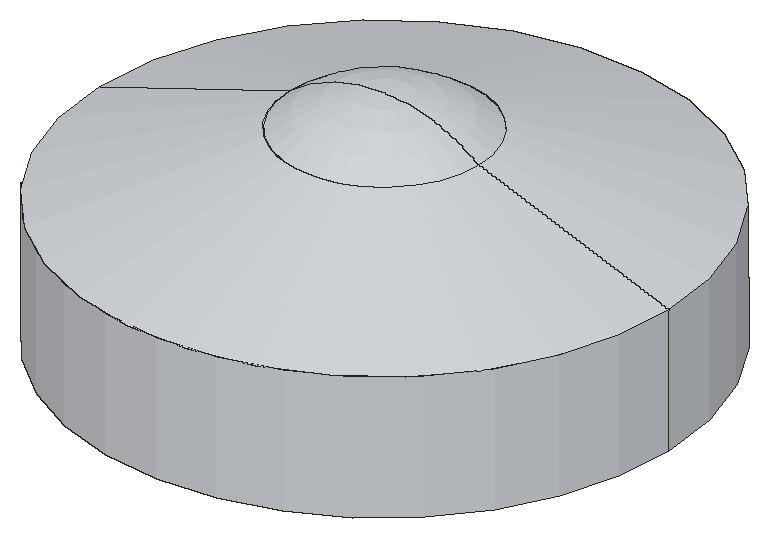
Revit family "240e565c9efb415a94a410e8106c0aaf", category Lighting Devices, host Face, Revit 2021
Family settings
  Host = Face
  Maintain Annotation Orientation = Yes
  Round Connector Dimension = Use Diameter
  Part Type = Switch
  OmniClass Number = 23.85.80.11.27
  OmniClass Title = Lighting Controls
  Seek Item ID = Ceiling Daylighting Sensor - Low Voltage-0000-USA-ENU
  Cut with Voids When Loaded = No
  Shared = No
  Room Calculation Point = No
Parameters (values of type "Standard")
  Lens Material = none
  Height 1 = Cover Height / 3  # 0' - 0 1/2"
  Default Elevation = 4' - 0"
  Cover Radius = Cover Diameter / 2  # 0' - 2 1/4"
  Cover Material = none
  Cover Height = 0' - 1 1/2"
  Cover Diameter = 0' - 4 1/2"
Reference planes (in)
  plane 1 "Center (Front/Back)": y = 0
  plane 2: z = 0
  plane 3 "Center (Left/Right)": x = 0
  plane 4: z = 1.5
  plane 5: z = 1
  plane 6: x = -0.75
  plane 7: x = -2.25
  plane 8: z = 1.75
  plane 9: y = 2.25
  plane 10: y = -2.25
  plane 11: x = 2.25
Forms (in)
  Revolve 1, solid, material <- "Cover Material"
    sketch origin (0, 0, 0) x (1, 0, 0) y (0, 0, 1)
      loop
        line (-0.75, 1.5) -> (-2.25, 1) -> (-2.25, 0) -> (0, 0) -> (0, 1.5) -> (-0.75, 1.5)
      axis (0, 1.5) -> (0, 0)
    angle from 0 to 360
  Revolve 2, solid, material <- "Lens Material"
    sketch origin (0, 0, 0) x (1, 0, 0) y (0, 0, 1)
      loop
        line (-0.75, 1.5) -> (0, 1.5) -> (0, 1.75)
        arc (0, 1.75) -> (-0.39528, 1.68585) -> (-0.75, 1.5) r 1.25
      axis (0, 1.75) -> (0, 1.5)
    angle from 0 to 360
Lines and regions (in)
  symbolic lines, detail levels coarse+medium
    curve 1: line (0, 2.25, 0) -> (-2.25, 0, 0)
    curve 2: line (-2.25, 0, 0) -> (0, -2.25, 0)
    curve 3: line (0, -2.25, 0) -> (2.25, 0, 0)
    curve 4: line (2.25, 0, 0) -> (0, 2.25, 0)
  symbolic lines, detail levels fine
    curve 5: circle (0, 0, 0) r 2.25 normal (0, 0, 1)
    curve 6: circle (0, 0, 0) r 0.75 normal (0, 0, 1)
Dimensions and locks (in)
  "Cover Height": plane 4 to plane 2
  "Height 1": plane 4 to plane 5
  locked: plane 3 "Center (Left/Right)" to plane 6 at 0.75
  "Cover Radius": plane 3 "Center (Left/Right)" to plane 7
  locked: plane 8 to plane 4 at 0.25
  "Cover Radius": plane 9 to plane 1 "Center (Front/Back)"
  "Cover Radius": plane 10 to plane 1 "Center (Front/Back)"
  "Cover Radius": plane 3 "Center (Left/Right)" to plane 11
  "Cover Radius": radius of curve 5
  radius of curve 6 = 0' - 0 3/4"
  aligned and locked: plane 2 to host face
  aligned and locked: level to host face
  aligned and locked: plane 1 "Center (Front/Back)" to nested 1
  aligned and locked: plane 3 "Center (Left/Right)" to nested 1
  aligned and locked: plane 6 to Revolve 1 sketch curve
  aligned and locked: plane 3 "Center (Left/Right)" to Revolve 1 sketch curve  (x2)
  aligned and locked: Revolve 1 sketch curve to plane 4
  aligned and locked: plane 7 to Revolve 1 sketch curve
  aligned and locked: Revolve 1 sketch curve to plane 2
  aligned and locked: plane 5 to Revolve 1 sketch curve
  aligned and locked: Revolve 1 sketch curve to plane 7
  aligned and locked: Revolve 1 sketch curve to plane 3 "Center (Left/Right)"
  aligned and locked: plane 4 to Revolve 1 sketch curve
  aligned and locked: plane 2 to Revolve 1 sketch curve
  aligned and locked: plane 8 to Revolve 2 sketch curve
  aligned and locked: plane 4 to Revolve 2 sketch curve
  aligned and locked: Revolve 2 sketch curve to plane 3 "Center (Left/Right)"  (x2)
  aligned and locked: plane 6 to Revolve 2 sketch curve
  aligned and locked: plane 3 "Center (Left/Right)" to Revolve 2 sketch curve
  aligned and locked: Revolve 2 sketch curve to plane 4
  aligned and locked: plane 3 "Center (Left/Right)" to curve 1
  aligned and locked: plane 1 "Center (Front/Back)" to curve 2
  aligned and locked: plane 3 "Center (Left/Right)" to curve 3
  aligned and locked: plane 1 "Center (Front/Back)" to curve 4
  aligned and locked: plane 11 to curve 4
  aligned and locked: plane 1 "Center (Front/Back)" to curve 5
  aligned and locked: plane 3 "Center (Left/Right)" to curve 5
  aligned and locked: plane 1 "Center (Front/Back)" to curve 6
  aligned and locked: plane 3 "Center (Left/Right)" to curve 6
Automatic sketch dimensions
  host sketch curve to host sketch curve = 8' - 0"  (x2)
  Revolve 1 sketch curve to Revolve 1 sketch curve = 0' - 1.2087"
  Revolve 1 sketch curve to Revolve 1 sketch curve = 0' - 0 1/2"
  plane 8 to Revolve 2 sketch curve = 0' - 0.51605"
  Revolve 2 sketch curve to Revolve 2 sketch curve = 0' - 0.16051"
Nested families (in)
  nested 1: "Label Annotation 3-32" at (0, 0, 0), type "Label Annotation 3-32", detail levels coarse+medium
Connectors (in)
  electrical at (0, 0, 1.5)
    settings: on Revolve 1, index 1, voltage 0 V, apparent load 0 VA, apparent load phase1 0 VA, apparent load phase2 0 VA, apparent load phase3 0 VA, power factor 1, load classification "Other", number of poles 1, system type 13, power factor state 1, is connector primary yes, connector utility no, sub classification motor no, connector description ""
Definition of nested family "Label Annotation 3-32"
  Parameters
    Label = ""
  Reference planes (in)
    plane 1: y = 0
    plane 2: x = 0
  Text (in)
    label "Label" at (0.00375, -0.00345, 0), shows "Label"
